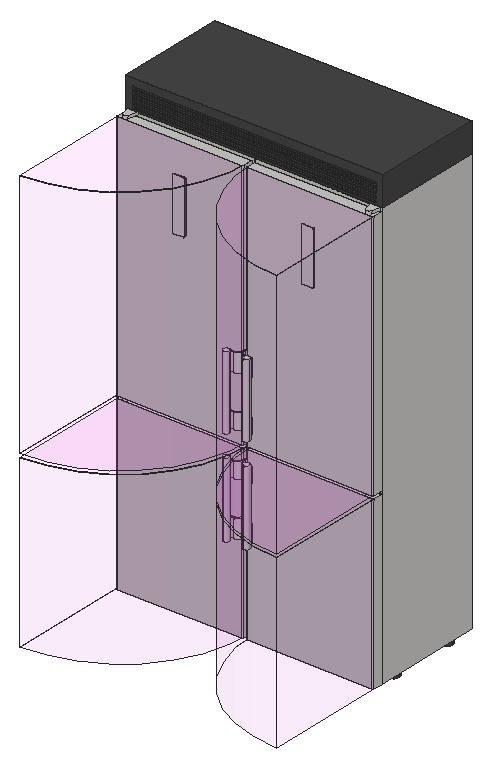
Revit family "QF_Summit_FFBF181ES2KIT48_Freezer_Refrigerator", category Specialty Equipment, Revit 2020
Family settings
  Round Connector Dimension = Use Diameter
  Part Type = Normal
  Work Plane-Based = No
  Always vertical = Yes
  Cut with Voids When Loaded = No
  Shared = No
  Room Calculation Point = No
Parameters
  Weight in Pounds = 380
  Watts = Volts * FL Amps  # 138 W
  Volts = 115 V
  URL Cutsheet = ""
  Specification by User = ""
  Specification by Manufacturer = ""
  Show Clearance = yes
  Serial Number = ""
  Seismic Rating = ""
  SMACNA No = ""
  Revision Code = ""
  Refrigerant Volume = 0.00 kip
  Refrigerant Type = "R600a"
  Phase = 1
  Number of Poles = 1
  NAFEM Spec ID Number = ""
  Model = "FFBF181ES2KIT48"
  Min Ckt Ampacity = 0 A
  Max Overcurrent Protection = 0 A
  Masterspec = ""
  Manufacturer = "Summit"
  Length = 46 3/4"
  Item Number = ""
  Installed By = ""
  Identify Quantity as Lot = yes
  Height = 83 3/4"
  HP = ""
  Furnished By = ""
  Foodservice Equipment Identifier = yes
  FL Amps = 1.2 A
  Electrical Remarks = ""
  Electric Connection Type = ""
  Elec Conn RI Height = 0"
  Elec Conn Connection Height = 0"
  Description = "Freezer Refrigerator"
  Depth = 23 3/4"
  Default Elevation = 0"
  Cycle = 60 Hz
  Conn Plug = ""
  Conn Conduit = yes
  CSI MasterFormat = ""
  BTUH = 0.0 Btu/h
  Apparent Power = 0 VA
Reference planes (in)
  plane 1 "BACK": y = 0
  plane 2: z = 0
  plane 3 "LEFT": x = 0
  plane 4 "RIGHT": x = 46.75
  plane 5 "FRONT": y = -23.75
  plane 6 "TOP": z = 83.75
  plane 7 "Center Y": x = 23.375
  plane 8 "Center X": y = -11.875
Dimensions and locks (in)
  equal spacing: plane 3 "LEFT", plane 7 "Center Y", plane 4 "RIGHT"
  "Length": plane 3 "LEFT" to plane 4 "RIGHT"
  equal spacing: plane 5 "FRONT", plane 8 "Center X", plane 1 "BACK"
  "Depth": plane 5 "FRONT" to plane 1 "BACK"
  "Height": plane 6 "TOP" to level
  aligned and locked: level to plane 2
Nested families (in)
  nested 1: "FFBF181ES2KIT48" at (0, 0, 0), Show Clearance <- "Show Clearance", type "FFBF181ES2KIT48"
    with Show Clearance yes
Connectors (in)
  electrical at (40.61873, -1.09375, 2.10762), driven by "Volts", driven by "Watts"
    settings: on nested 1, index 1, voltage 115 V, apparent load 138 VA, apparent load phase1 0 VA, apparent load phase2 0 VA, apparent load phase3 0 VA, power factor 1, load classification "Other", number of poles 1, system type 30, power factor state 1, is connector primary yes, connector utility no, sub classification motor no, connector description ""
  electrical at (18.13127, -1.09375, 2.10762), driven by "Volts", driven by "Watts"
    settings: on nested 1, index 2, voltage 115 V, apparent load 138 VA, apparent load phase1 0 VA, apparent load phase2 0 VA, apparent load phase3 0 VA, power factor 1, load classification "Other", number of poles 1, system type 30, power factor state 1, is connector primary no, connector utility no, sub classification motor no, connector description ""
Definition of nested family "FFBF181ES2KIT48"
  Parameters (values of type "FFBF181ES2KIT48")
    Weight in Pounds = 0
    URL Cutsheet = ""
    Specification by User = ""
    Specification by Manufacturer = ""
    Show Clearance [instance] = yes
    Serial Number = ""
    Seismic Rating = ""
    SMACNA No = ""
    Revision Code = ""
    NAFEM Spec ID Number = ""
    Masterspec = ""
    Length = 46 3/4"
    Item Number = ""
    Installed By = ""
    Identify Quantity as Lot = yes
    Height = 83 3/4"
    Furnished By = ""
    Foodservice Equipment Identifier = yes
    Depth = 23 3/4"
    Default Elevation = 0"
    CSI MasterFormat = ""
  Reference planes (in)
    plane 1 "BACK": y = 0
    plane 2: z = 0
    plane 3 "LEFT": x = 0
    plane 4 "RIGHT": x = 46.75
    plane 5 "FRONT": y = -23.75
    plane 6 "TOP": z = 83.75
    plane 7 "Center Y": x = 23.375
    plane 8 "Center X": y = -11.875
    plane 9: y = -1.125
    plane 10: z = 0.83776
    plane 11: z = 48.1545
    plane 12: y = -45.375
  Forms (in)
    Extrusion 1, solid
      sketch origin (-7.42459, -180, 0.83776) x (-1, 0, 0) y (0, -1, 0)
        loop
          line (-7.42459, -178.875) -> (-7.42459, -158.75) -> (-30.79568, -158.75) -> (-30.79568, -178.875) -> (-7.42459, -178.875)
        loop
          line (-54.17459, -178.875) -> (-30.8035, -178.875) -> (-30.8035, -158.75) -> (-54.17459, -158.75) -> (-54.17459, -178.875)
      from 0 to 77.5412
    Extrusion 2, solid
      sketch origin (-7.42459, -180, 78.37896) x (-1, 0, 0) y (0, -1, 0)
        loop
          line (-7.42459, -178.875) -> (-7.42459, -158.75) -> (-54.17459, -158.75) -> (-54.17459, -178.875) -> (-7.42459, -178.875)
      from 0 to 5.37104
    Extrusion 3, void
      sketch origin (45.51522, -21.25, 78.37896) x (1, 0, 0) y (0, 0, -1)
        loop
          line (-44.32252, -3.94964) -> (0.17748, -3.94964) -> (0.17748, -3.32464) -> (-44.32252, -3.32464) -> (-44.32252, -3.94964)
        loop
          line (-44.32252, -3.1445) -> (0.17748, -3.1445) -> (0.17748, -2.5195) -> (-44.32252, -2.5195) -> (-44.32252, -3.1445)
        loop
          line (-44.32252, -2.36612) -> (0.17748, -2.36612) -> (0.17748, -1.74112) -> (-44.32252, -1.74112) -> (-44.32252, -2.36612)
        loop
          line (-44.32252, -1.61612) -> (0.17748, -1.61612) -> (0.17748, -0.99112) -> (-44.32252, -0.99112) -> (-44.32252, -1.61612)
        loop
          line (-44.32252, -0.86612) -> (0.17748, -0.86612) -> (0.17748, -0.24112) -> (-44.32252, -0.24112) -> (-44.32252, -0.86612)
      from 0 to 0.35939
    Extrusion 4, solid
      sketch origin (-7.42459, -180, 78.37896) x (0, -1, 0) y (-1, 0, 0)
        loop
          line (-163.03053, -51.50922) -> (-163.03053, -54.11729) -> (-158.97323, -54.11729) -> (-158.55372, -53.69778) -> (-157.08203, -53.43828)
          arc (-157.08203, -53.43828) -> (-156.66933, -52.96769) -> (-157.03944, -52.46291) r 0.5
          line (-157.03944, -52.46291) -> (-162.40112, -51.02625)
          arc (-162.40112, -51.02625) -> (-162.83491, -51.11254) -> (-163.03053, -51.50922) r 0.5
        loop
          arc (-163.03053, -10.08997) -> (-162.83491, -10.48664) -> (-162.40112, -10.57293) r 0.5
          line (-162.40112, -10.57293) -> (-157.03944, -9.13627)
          arc (-157.03944, -9.13627) -> (-156.66933, -8.6315) -> (-157.08203, -8.1609) r 0.5
          line (-157.08203, -8.1609) -> (-158.55372, -7.9014) -> (-158.96803, -7.48709) -> (-163.03053, -7.48709) -> (-163.03053, -10.08997)
      from 0 to 0.5
    Extrusion 5, solid
      sketch origin (-5.88004, -180, 77.87896) x (-1, 0, 0) y (0, -1, 0)
        loop
          line (-28.97524, -156.74237) -> (-28.97524, -158.375) -> (-5.88004, -158.375) -> (-5.88004, -156.74237)
          arc (-5.88004, -156.74237) -> (-5.94952, -156.56943) -> (-6.11932, -156.4926) r 0.25
          arc (-6.11932, -156.4926) -> (-17.42764, -156.24999) -> (-28.73596, -156.4926) r 263.67046
          arc (-28.73596, -156.4926) -> (-28.90577, -156.56943) -> (-28.97524, -156.74237) r 0.25
        loop
          arc (-29.53485, -156.74237) -> (-29.60432, -156.56943) -> (-29.77413, -156.4926) r 0.25
          arc (-29.77413, -156.4926) -> (-41.08245, -156.24999) -> (-52.39077, -156.4926) r 263.67046
          arc (-52.39077, -156.4926) -> (-52.56057, -156.56943) -> (-52.63004, -156.74237) r 0.25
          line (-52.63004, -156.74237) -> (-52.63004, -158.375) -> (-29.53485, -158.375) -> (-29.53485, -156.74237)
      from 0 to -45.5
    Extrusion 6, solid
      sketch origin (-5.88004, -180, 31.83776) x (-1, 0, 0) y (0, -1, 0)
        loop
          arc (-28.73596, -156.4926) -> (-28.90577, -156.56943) -> (-28.97524, -156.74237) r 0.25
          line (-28.97524, -156.74237) -> (-28.97524, -158.375) -> (-5.88004, -158.375) -> (-5.88004, -156.74237)
          arc (-5.88004, -156.74237) -> (-5.94952, -156.56943) -> (-6.11932, -156.4926) r 0.25
          arc (-6.11932, -156.4926) -> (-17.42764, -156.24999) -> (-28.73596, -156.4926) r 263.67046
        loop
          line (-29.53485, -158.375) -> (-29.53485, -156.74237)
          arc (-29.53485, -156.74237) -> (-29.60432, -156.56943) -> (-29.77413, -156.4926) r 0.25
          arc (-29.77413, -156.4926) -> (-41.08245, -156.24999) -> (-52.39077, -156.4926) r 263.67046
          arc (-52.39077, -156.4926) -> (-52.56057, -156.56943) -> (-52.63004, -156.74237) r 0.25
          line (-52.63004, -156.74237) -> (-52.63004, -158.375) -> (-29.53485, -158.375)
      from 0 to -31
    Extrusion 7, solid
      sketch origin (-29.56181, -180, 48.1545) x (-1, 0, 0) y (0, -1, 0)
        loop
          line (-52.657, -158.11727) -> (-52.657, -156.0925)
          arc (-52.657, -156.0925) -> (-52.46171, -155.62103) -> (-51.99024, -155.42574) r 0.66676
          line (-51.99024, -155.42574) -> (-50.85413, -155.42574) -> (-50.85413, -155.17574) -> (-52.08055, -155.17574)
          arc (-52.08055, -155.17574) -> (-52.66494, -155.41781) -> (-52.907, -156.00219) r 0.82645
          line (-52.907, -156.00219) -> (-52.907, -158.11727) -> (-52.657, -158.11727)
        loop
          line (-53.21661, -158.11727) -> (-52.96661, -158.11727) -> (-52.96661, -156.00219)
          arc (-52.96661, -156.00219) -> (-53.20868, -155.41781) -> (-53.79306, -155.17574) r 0.82645
          line (-53.79306, -155.17574) -> (-55.01949, -155.17574) -> (-55.01949, -155.42574) -> (-53.88337, -155.42574)
          arc (-53.88337, -155.42574) -> (-53.4119, -155.62103) -> (-53.21661, -156.0925) r 0.66676
          line (-53.21661, -156.0925) -> (-53.21661, -158.11727)
      from -0.23673 to -3.51074
    Extrusion 8, solid
      sketch origin (-7.42459, -180, 36.75396) x (-1, 0, 0) y (0, -1, 0)
        loop
          line (-30.51978, -158.11727) -> (-30.51978, -156.0925)
          arc (-30.51978, -156.0925) -> (-30.3245, -155.62103) -> (-29.85303, -155.42574) r 0.66676
          line (-29.85303, -155.42574) -> (-28.71691, -155.42574) -> (-28.71691, -155.17574) -> (-29.94334, -155.17574)
          arc (-29.94334, -155.17574) -> (-30.52772, -155.41781) -> (-30.76978, -156.00219) r 0.82645
          line (-30.76978, -156.00219) -> (-30.76978, -158.11727) -> (-30.51978, -158.11727)
        loop
          line (-31.0794, -158.11727) -> (-30.8294, -158.11727) -> (-30.8294, -156.00219)
          arc (-30.8294, -156.00219) -> (-31.07146, -155.41781) -> (-31.65585, -155.17574) r 0.82645
          line (-31.65585, -155.17574) -> (-32.88227, -155.17574) -> (-32.88227, -155.42574) -> (-31.74616, -155.42574)
          arc (-31.74616, -155.42574) -> (-31.27469, -155.62103) -> (-31.0794, -156.0925) r 0.66676
          line (-31.0794, -156.0925) -> (-31.0794, -158.11727)
      from 1.37437 to -1.37252
    Extrusion 9, solid
      sketch origin (-29.56181, -180, 17.35343) x (0, 1, 0) y (1, 0, 0)
        loop
          line (158.11727, 52.657) -> (158.11727, 52.907) -> (156.00219, 52.907)
          arc (156.00219, 52.907) -> (155.41781, 52.66494) -> (155.17574, 52.08055) r 0.82645
          line (155.17574, 52.08055) -> (155.17574, 50.85413) -> (155.42574, 50.85413) -> (155.42574, 51.99024)
          arc (155.42574, 51.99024) -> (155.62103, 52.46171) -> (156.0925, 52.657) r 0.66676
          line (156.0925, 52.657) -> (158.11727, 52.657)
        loop
          line (158.11727, 53.21661) -> (156.0925, 53.21661)
          arc (156.0925, 53.21661) -> (155.62103, 53.4119) -> (155.42574, 53.88337) r 0.66676
          line (155.42574, 53.88337) -> (155.42574, 55.01949) -> (155.17574, 55.01949) -> (155.17574, 53.79306)
          arc (155.17574, 53.79306) -> (155.41781, 53.20868) -> (156.00219, 52.96661) r 0.82645
          line (156.00219, 52.96661) -> (158.11727, 52.96661) -> (158.11727, 53.21661)
      from -0.23673 to -3.51074
    Extrusion 10, solid
      sketch origin (-7.42459, -180, 28.75396) x (0, 1, 0) y (1, 0, 0)
        loop
          line (158.11727, 30.51978) -> (158.11727, 30.76978) -> (156.00219, 30.76978)
          arc (156.00219, 30.76978) -> (155.41781, 30.52772) -> (155.17574, 29.94334) r 0.82645
          line (155.17574, 29.94334) -> (155.17574, 28.71691) -> (155.42574, 28.71691) -> (155.42574, 29.85303)
          arc (155.42574, 29.85303) -> (155.62103, 30.3245) -> (156.0925, 30.51978) r 0.66676
          line (156.0925, 30.51978) -> (158.11727, 30.51978)
        loop
          line (158.11727, 31.0794) -> (156.0925, 31.0794)
          arc (156.0925, 31.0794) -> (155.62103, 31.27469) -> (155.42574, 31.74616) r 0.66676
          line (155.42574, 31.74616) -> (155.42574, 32.88227) -> (155.17574, 32.88227) -> (155.17574, 31.65585)
          arc (155.17574, 31.65585) -> (155.41781, 31.07146) -> (156.00219, 30.8294) r 0.82645
          line (156.00219, 30.8294) -> (158.11727, 30.8294) -> (158.11727, 31.0794)
      from 1.37437 to -1.37252
    Extrusion 11, solid
      sketch origin (-29.56181, -180, 48.1545) x (-1, 0, 0) y (0, -1, 0)
        loop
          circle (-51.09741, -154.63014) r 0.5456
        loop
          circle (-54.77621, -154.63014) r 0.5456
      from 0 to -13.31002
    Extrusion 12, solid
      sketch origin (-7.42459, -180, 30.12648) x (0, 1, 0) y (-1, 0, 0)
        loop
          circle (154.63014, -28.96019) r 0.5456
        loop
          circle (154.63014, -32.63899) r 0.5456
      from 0.62496 to -12.89842
    Extrusion 13, solid
      sketch origin (-7.42459, -180, 0.83776) x (0, -1, 0) y (-1, 0, 0)
        loop
          line (-180, -9.67459) -> (-180, -28.52382) -> (-178.875, -28.52382) -> (-179.30253, -27.34921) -> (-179.30253, -10.84921) -> (-178.875, -9.67459) -> (-180, -9.67459)
        loop
          line (-180, -51.92459) -> (-178.875, -51.92459) -> (-179.30253, -50.74998) -> (-179.30253, -34.24998) -> (-178.875, -33.07536) -> (-180, -33.07536) -> (-180, -51.92459)
      from -23.76805 to -27.22468
    Extrusion 14, solid
      sketch origin (46.75, -1.125, 0.83776) x (-1, 0, 0) y (0, 0, 1)
        loop
          circle (28.61873, 1.26986) r 0.25
        loop
          circle (6.13127, 1.26986) r 0.25
      from 0 to 0.03125
    Extrusion 15, solid
      sketch origin (-5.88004, -180, 77.87896) x (-1, 0, 0) y (0, -1, 0)
        loop
          line (-6.16058, -158.75) -> (-6.16058, -158.375) -> (-28.81901, -158.375) -> (-28.81901, -158.75) -> (-6.16058, -158.75)
        loop
          line (-52.34951, -158.75) -> (-29.69108, -158.75) -> (-29.69108, -158.375) -> (-52.34951, -158.375) -> (-52.34951, -158.75)
      from -0.36582 to -45.02427
    Extrusion 16, solid
      sketch origin (-5.88004, -180, 31.83776) x (-1, 0, 0) y (0, -1, 0)
        loop
          line (-6.16058, -158.75) -> (-6.16058, -158.375) -> (-28.81901, -158.375) -> (-28.81901, -158.75) -> (-6.16058, -158.75)
        loop
          line (-52.34951, -158.75) -> (-29.69108, -158.75) -> (-29.69108, -158.375) -> (-52.34951, -158.375) -> (-52.34951, -158.75)
      from -0.36582 to -30.45903
    Extrusion 17, solid
      sketch origin (-5.88004, -180, 31.83776) x (-1, 0, 0) y (0, -1, 0)
        loop
          arc (-49.96467, -163.03053) -> (-49.56799, -162.83491) -> (-49.48171, -162.40112) r 0.5
          line (-49.48171, -162.40112) -> (-50.91837, -157.03944)
          arc (-50.91837, -157.03944) -> (-51.42314, -156.66933) -> (-51.89373, -157.08203) r 0.5
          line (-51.89373, -157.08203) -> (-52.15323, -158.55372) -> (-52.57274, -158.97323) -> (-52.57274, -163.03053) -> (-49.96467, -163.03053)
        loop
          line (-8.54542, -163.03053) -> (-5.94254, -163.03053) -> (-5.94254, -158.96803) -> (-6.35686, -158.55372) -> (-6.61636, -157.08203)
          arc (-6.61636, -157.08203) -> (-7.08695, -156.66933) -> (-7.59172, -157.03944) r 0.5
          line (-7.59172, -157.03944) -> (-9.02838, -162.40112)
          arc (-9.02838, -162.40112) -> (-8.9421, -162.83491) -> (-8.54542, -163.03053) r 0.5
      from 0 to 0.5412
    Extrusion 18, solid
      sketch origin (0, 0, 0) x (1, 0, 0) y (0, 0, 1)
        loop
          arc (10.82165, 72.4778) -> (10.64487, 72.40457) -> (10.57165, 72.2278) r 0.25
          line (10.57165, 72.2278) -> (10.57165, 62.9778)
          arc (10.57165, 62.9778) -> (10.64487, 62.80102) -> (10.82165, 62.7278) r 0.25
          line (10.82165, 62.7278) -> (12.50915, 62.7278)
          arc (12.50915, 62.7278) -> (12.68593, 62.80102) -> (12.75915, 62.9778) r 0.25
          line (12.75915, 62.9778) -> (12.75915, 72.2278)
          arc (12.75915, 72.2278) -> (12.68593, 72.40457) -> (12.50915, 72.4778) r 0.25
          line (12.50915, 72.4778) -> (10.82165, 72.4778)
        loop
          line (35.92835, 72.4778) -> (34.24085, 72.4778)
          arc (34.24085, 72.4778) -> (34.06407, 72.40457) -> (33.99085, 72.2278) r 0.25
          line (33.99085, 72.2278) -> (33.99085, 62.9778)
          arc (33.99085, 62.9778) -> (34.06407, 62.80102) -> (34.24085, 62.7278) r 0.25
          line (34.24085, 62.7278) -> (35.92835, 62.7278)
          arc (35.92835, 62.7278) -> (36.10513, 62.80102) -> (36.17835, 62.9778) r 0.25
          line (36.17835, 62.9778) -> (36.17835, 72.2278)
          arc (36.17835, 72.2278) -> (36.10513, 72.40457) -> (35.92835, 72.4778) r 0.25
      from 23.60532 to 23.85775
    Revolve 19, solid
      sketch origin (-240, -17.25, 5.08138) x (0, 0, 1) y (-1, 0, 0)
        loop
          line (-4.24362, -241.10142) -> (-5.08138, -241.10142) -> (-5.08138, -242.01866) -> (-4.24362, -242.01866) -> (-4.24362, -241.10142)
        axis (-5.08138, -241.10142) -> (-4.24362, -241.10142)
      angle from 0 to 360
    Revolve 20, solid
      sketch origin (-240, -17.25, 5.08138) x (0, 0, 1) y (-1, 0, 0)
        loop
          line (-4.24362, -261.99378) -> (-4.24362, -261.07653) -> (-5.08138, -261.07653) -> (-5.08138, -261.99378) -> (-4.24362, -261.99378)
        axis (-5.08138, -261.99378) -> (-4.24362, -261.99378)
      angle from 0 to 360
    Revolve 21, solid
      sketch origin (-240, -17.25, 5.08138) x (0, 0, 1) y (-1, 0, 0)
        loop
          line (-4.24362, -285.58608) -> (-4.24362, -284.66884) -> (-5.08138, -284.66884) -> (-5.08138, -285.58608) -> (-4.24362, -285.58608)
        axis (-5.08138, -285.58608) -> (-4.24362, -285.58608)
      angle from 0 to 360
    Revolve 22, solid
      sketch origin (-240, -17.25, 5.08138) x (0, 0, 1) y (-1, 0, 0)
        loop
          line (-4.24362, -264.69372) -> (-5.08138, -264.69372) -> (-5.08138, -265.61097) -> (-4.24362, -265.61097) -> (-4.24362, -264.69372)
        axis (-5.08138, -264.69372) -> (-4.24362, -264.69372)
      angle from 0 to 360
    Revolve 23, solid
      sketch origin (-240, -5.125, 5.08138) x (0, 0, 1) y (1, 0, 0)
        loop
          line (-4.24362, 241.10142) -> (-4.24362, 242.01866) -> (-5.08138, 242.01866) -> (-5.08138, 241.10142) -> (-4.24362, 241.10142)
        axis (-5.08138, 241.10142) -> (-4.24362, 241.10142)
      angle from 0 to 360
    Revolve 24, solid
      sketch origin (-240, -5.125, 5.08138) x (0, 0, 1) y (1, 0, 0)
        loop
          line (-4.24362, 261.99378) -> (-5.08138, 261.99378) -> (-5.08138, 261.07653) -> (-4.24362, 261.07653) -> (-4.24362, 261.99378)
        axis (-5.08138, 261.99378) -> (-4.24362, 261.99378)
      angle from 0 to 360
    Revolve 25, solid
      sketch origin (-240, -5.125, 5.08138) x (0, 0, 1) y (1, 0, 0)
        loop
          line (-4.24362, 285.58608) -> (-5.08138, 285.58608) -> (-5.08138, 284.66884) -> (-4.24362, 284.66884) -> (-4.24362, 285.58608)
        axis (-5.08138, 285.58608) -> (-4.24362, 285.58608)
      angle from 0 to 360
    Revolve 26, solid
      sketch origin (-240, -5.125, 5.08138) x (0, 0, 1) y (1, 0, 0)
        loop
          line (-4.24362, 264.69372) -> (-4.24362, 265.61097) -> (-5.08138, 265.61097) -> (-5.08138, 264.69372) -> (-4.24362, 264.69372)
        axis (-5.08138, 264.69372) -> (-4.24362, 264.69372)
      angle from 0 to 360
    Extrusion 27, solid, visible <- "Show Clearance"
      sketch origin (-5.88004, -180, 77.87896) x (-1, 0, 0) y (0, -1, 0)
        loop
          line (-28.96595, -158.375) -> (-5.88004, -158.375) -> (-5.88004, -134.625)
          arc (-5.88004, -134.625) -> (-22.4407, -141.6226) -> (-28.96595, -158.375) r 23.09519
        loop
          arc (-29.54414, -158.375) -> (-36.06939, -141.6226) -> (-52.63004, -134.625) r 23.09519
          line (-52.63004, -134.625) -> (-52.63004, -158.375) -> (-29.54414, -158.375)
      from 0 to -45.5
    Extrusion 28, solid, visible <- "Show Clearance"
      sketch origin (-5.88004, -180, 31.83776) x (-1, 0, 0) y (0, -1, 0)
        loop
          line (-28.96595, -158.375) -> (-5.88004, -158.375) -> (-5.88004, -134.625)
          arc (-5.88004, -134.625) -> (-22.4407, -141.6226) -> (-28.96595, -158.375) r 23.09519
        loop
          arc (-29.54414, -158.375) -> (-36.06939, -141.6226) -> (-52.63004, -134.625) r 23.09519
          line (-52.63004, -134.625) -> (-52.63004, -158.375) -> (-29.54414, -158.375)
      from 0 to -31
  Cuts and joins
    Extrusion 3 cuts Extrusion 2
    joined: Extrusion 1, Extrusion 4, Extrusion 17
    joined: Extrusion 5, Extrusion 18
  Lines and regions (in)
    Split face 1
      outline origin (10.57165, -23.85775, 72.4778) x (-1, 0, 0) y (0, 0, -1)
        loop
          line (-0.25, 0.25) -> (-0.25, 4.25) -> (-1.9375, 4.25) -> (-1.9375, 0.25) -> (-0.25, 0.25)
    Split face 2
      outline origin (10.57165, -23.85775, 72.4778) x (-1, 0, 0) y (0, 0, -1)
        loop
          line (-25.3567, 0.25) -> (-23.6692, 0.25) -> (-23.6692, 4.25) -> (-25.3567, 4.25) -> (-25.3567, 0.25)
    symbolic lines
      curve 1: line (22.42843, -24.57426, 0) -> (21.29232, -24.57426, 0)
      curve 2: line (21.29232, -24.57426, 0) -> (21.29232, -24.82426, 0)
      curve 3: line (21.29232, -24.82426, 0) -> (22.51874, -24.82426, 0)
      curve 4: arc (22.51874, -24.82426, 0) -> (23.10313, -24.58219, 0) -> (23.34519, -23.99781, 0) r 0.82645
      curve 5: line (23.34519, -23.99781, 0) -> (23.34519, -21.88273, 0)
      curve 6: line (23.34519, -21.88273, 0) -> (23.09519, -21.88273, 0)
      curve 7: line (23.09519, -21.88273, 0) -> (23.09519, -23.9075, 0)
      curve 8: arc (23.09519, -23.9075, 0) -> (22.8999, -24.37897, 0) -> (22.42843, -24.57426, 0) r 0.66676
      curve 9: arc (22.0812, -25.36986, 0) -> (21.5356, -24.82426, 0) -> (20.98999, -25.36986, 0) r 0.5456
      curve 10: arc (20.98999, -25.36986, 0) -> (21.5356, -25.91547, 0) -> (22.0812, -25.36986, 0) r 0.5456
      curve 11: line (24.23126, -24.82426, 0) -> (25.45768, -24.82426, 0)
      curve 12: line (25.45768, -24.82426, 0) -> (25.45768, -24.57426, 0)
      curve 13: line (25.45768, -24.57426, 0) -> (24.32157, -24.57426, 0)
      curve 14: arc (24.32157, -24.57426, 0) -> (23.8501, -24.37897, 0) -> (23.65481, -23.9075, 0) r 0.66676
      curve 15: line (23.65481, -23.9075, 0) -> (23.65481, -21.88273, 0)
      curve 16: line (23.65481, -21.88273, 0) -> (23.40481, -21.88273, 0)
      curve 17: line (23.40481, -21.88273, 0) -> (23.40481, -23.99781, 0)
      curve 18: arc (23.40481, -23.99781, 0) -> (23.64687, -24.58219, 0) -> (24.23126, -24.82426, 0) r 0.82645
      curve 19: arc (25.76001, -25.36986, 0) -> (25.2144, -24.82426, 0) -> (24.6688, -25.36986, 0) r 0.5456
      curve 20: arc (24.6688, -25.36986, 0) -> (25.2144, -25.91547, 0) -> (25.76001, -25.36986, 0) r 0.5456
      curve 21: arc (23.89408, -23.5074, 0) -> (35.2024, -23.75001, 0) -> (46.51072, -23.5074, 0) r 263.67046
      curve 22: arc (46.51072, -23.5074, 0) -> (46.68053, -23.43057, 0) -> (46.75, -23.25763, 0) r 0.25
      curve 23: line (46.75, -23.25763, 0) -> (46.75, -21.625, 0)
      curve 24: line (46.75, -21.625, 0) -> (46.24167, -21.625, 0)
      curve 25: line (23.65481, -21.625, 0) -> (23.65481, -23.25763, 0)
      curve 26: arc (23.65481, -23.25763, 0) -> (23.72428, -23.43057, 0) -> (23.89408, -23.5074, 0) r 0.25
      curve 27: arc (0.23928, -23.5074, 0) -> (11.5476, -23.75001, 0) -> (22.85592, -23.5074, 0) r 263.67046
      curve 28: arc (22.85592, -23.5074, 0) -> (23.02572, -23.43057, 0) -> (23.09519, -23.25763, 0) r 0.25
      curve 29: line (23.09519, -23.25763, 0) -> (23.09519, -21.625, 0)
      curve 30: line (23.09519, -21.625, 0) -> (2.06954, -21.625, 0)
      curve 31: line (0, -21.625, 0) -> (0, -23.25763, 0)
      curve 32: arc (0, -23.25763, 0) -> (0.06947, -23.43057, 0) -> (0.23928, -23.5074, 0) r 0.25
      curve 33: line (46.75, -21.25, 0) -> (46.75, -1.125, 0)
      curve 34: line (0, -1.125, 0) -> (0, -21.25, 0)
      curve 35: line (0, -21.25, 0) -> (46.75, -21.25, 0)
      curve 36: line (46.75, -1.125, 0) -> (0, -1.125, 0)
      curve 37: line (44.68046, -21.625, 0) -> (23.65481, -21.625, 0)
      curve 38: line (23.81104, -21.625, 0) -> (23.81104, -21.25, 0)
      curve 39: line (22.93896, -21.625, 0) -> (22.93896, -21.25, 0)
      curve 40: line (46.46947, -21.625, 0) -> (46.46947, -21.25, 0)
      curve 41: line (46.27319, -21.44628, 0) -> (46.46947, -21.25, 0)
      curve 42: line (46.01369, -22.91797, 0) -> (46.27319, -21.44628, 0)
      curve 43: arc (46.01369, -22.91797, 0) -> (45.54309, -23.33067, 0) -> (45.03832, -22.96056, 0) r 0.5
      curve 44: line (44.57998, -21.25, 0) -> (45.03832, -22.96056, 0)
      curve 45: line (1.71168, -22.96056, 0) -> (2.17002, -21.25, 0)
      curve 46: arc (1.71168, -22.96056, 0) -> (1.20691, -23.33067, 0) -> (0.73631, -22.91797, 0) r 0.5
      curve 47: line (0.47681, -21.44628, 0) -> (0.73631, -22.91797, 0)
      curve 48: line (0.28053, -21.25, 0) -> (0.47681, -21.44628, 0)
      curve 49: line (0.28053, -21.25, 0) -> (0.28053, -21.625, 0)
      curve 50: line (0.50833, -21.625, 0) -> (0, -21.625, 0)
      curve 51: line (2.25, -1.125, 0) -> (3.42462, -0.69747, 0)
      curve 52: line (2.25, 0, 0) -> (2.25, -1.125, 0)
      curve 53: line (21.09923, 0, 0) -> (2.25, 0, 0)
      curve 54: line (3.42462, -0.69747, 0) -> (19.92462, -0.69747, 0)
      curve 55: line (19.92462, -0.69747, 0) -> (21.09923, -1.125, 0)
      curve 56: line (21.09923, -1.125, 0) -> (21.09923, 0, 0)
      curve 57: line (26.82538, -0.69747, 0) -> (43.32538, -0.69747, 0)
      curve 58: line (43.32538, -0.69747, 0) -> (44.5, -1.125, 0)
      curve 59: line (44.5, -1.125, 0) -> (44.5, 0, 0)
      curve 60: line (44.5, 0, 0) -> (25.65077, 0, 0)
      curve 61: line (25.65077, 0, 0) -> (25.65077, -1.125, 0)
      curve 62: line (25.65077, -1.125, 0) -> (26.82538, -0.69747, 0)
    symbolic lines, visible <- "Show Clearance"
      curve 63: arc (20.27853, -33.33282, 0) -> (22.45856, -27.66506, 0) -> (23.08591, -21.625, 0) r 23.09519
      curve 64: arc (23.66409, -21.625, 0) -> (24.29144, -27.66506, 0) -> (26.47147, -33.33282, 0) r 23.09519
      curve 65: line (0, -21.625, 0) -> (20.27853, -33.33282, 0)
      curve 66: line (46.75, -21.625, 0) -> (26.47147, -33.33282, 0)
  Dimensions and locks (in)
    equal spacing: plane 3 "LEFT", plane 7 "Center Y", plane 4 "RIGHT"
    "Length": plane 3 "LEFT" to plane 4 "RIGHT"
    equal spacing: plane 5 "FRONT", plane 8 "Center X", plane 1 "BACK"
    "Depth": plane 5 "FRONT" to plane 1 "BACK"
    "Height": plane 6 "TOP" to level
    plane 1 "BACK" to plane 12 = 45 3/8"
    aligned and locked: level to plane 2
  Automatic sketch dimensions
    Extrusion 1 sketch curve to plane 4 "RIGHT" = 0"
    Extrusion 1 sketch curve to plane 9 = 0"  (x2)
    Extrusion 1 sketch curve to plane 3 "LEFT" = 0"
    plane 7 "Center Y" to Extrusion 1 sketch curve = 1/256"
    Extrusion 1 sketch curve to plane 7 "Center Y" = 1/256"
    Extrusion 1 to Extrusion 2 sketch curve = 0"
    Extrusion 2 sketch curve to Extrusion 1 = 0"  (x3)
    Extrusion 3 sketch curve to Extrusion 2 = 1.1927"  (x2)
    Extrusion 3 sketch curve to Extrusion 3 sketch curve = 0"  (x7)
    Extrusion 2 to Extrusion 3 sketch curve = 1.0573"
    Extrusion 3 sketch curve to Extrusion 2 = 1.4214"
    Extrusion 3 sketch curve to Extrusion 3 sketch curve = 5/8"  (x4)
    Extrusion 3 sketch curve to Extrusion 3 sketch curve = 0.18013"
    Extrusion 3 sketch curve to Extrusion 3 sketch curve = 0.15338"
    Extrusion 3 sketch curve to Extrusion 3 sketch curve = 1/8"  (x2)
    Extrusion 3 sketch curve to Extrusion 2 = 0.24112"
    Extrusion 2 to Extrusion 4 sketch curve = 4.28053"  (x2)
    Extrusion 2 to Extrusion 4 sketch curve = 1/16"
    Extrusion 4 sketch curve to Extrusion 4 sketch curve = 1/2"  (x2)
    Extrusion 4 sketch curve to Extrusion 4 sketch curve = 0.12941"  (x4)
    Extrusion 2 to Extrusion 4 sketch curve = 0.0573"
    Extrusion 2 to Extrusion 4 sketch curve = 0.22323"
    Extrusion 2 to Extrusion 4 sketch curve = 0.21803"
    Extrusion 4 sketch curve to Extrusion 2 = 0.19628"  (x2)
    Extrusion 4 sketch curve to Extrusion 4 sketch curve = 1.38487"  (x2)
    Extrusion 2 to Extrusion 4 sketch curve = 0.73631"  (x2)
    Extrusion 4 sketch curve to Extrusion 4 sketch curve = 0.08682"  (x2)
    Extrusion 2 to Extrusion 4 sketch curve = 0.47681"  (x2)
    Extrusion 4 sketch curve to Extrusion 4 sketch curve = 0.4924"
    Extrusion 4 sketch curve to Extrusion 4 sketch curve = 2.60287"
    Extrusion 2 to Extrusion 4 sketch curve = 3.14834"
    Extrusion 4 sketch curve to Extrusion 4 sketch curve = 0.97537"
    Extrusion 5 sketch curve to plane 4 "RIGHT" = 0"
    Extrusion 5 sketch curve to plane 3 "LEFT" = 0"
    Extrusion 5 sketch curve to Extrusion 5 sketch curve = 1/4"  (x3)
    plane 4 "RIGHT" to Extrusion 5 sketch curve = 11.5476"
    plane 7 "Center Y" to Extrusion 5 sketch curve = 0.52981"
    plane 7 "Center Y" to Extrusion 5 sketch curve = 0.27981"
    Extrusion 5 sketch curve to plane 7 "Center Y" = 0.27981"
    plane 3 "LEFT" to Extrusion 5 sketch curve = 11.5476"
    Extrusion 5 sketch curve to plane 1 "BACK" = 239.92045"
    Extrusion 5 sketch curve to Extrusion 5 sketch curve = 0"  (x3)
    Extrusion 5 sketch curve to plane 5 "FRONT" = 0.49237"  (x4)
    Extrusion 6 sketch curve to plane 4 "RIGHT" = 0"
    Extrusion 6 sketch curve to plane 3 "LEFT" = 0"
    Extrusion 6 sketch curve to Extrusion 6 sketch curve = 1/4"  (x2)
    plane 4 "RIGHT" to Extrusion 6 sketch curve = 11.5476"
    plane 7 "Center Y" to Extrusion 6 sketch curve = 0.52981"
    plane 7 "Center Y" to Extrusion 6 sketch curve = 0.27981"
    Extrusion 6 sketch curve to plane 7 "Center Y" = 0.27981"
    plane 3 "LEFT" to Extrusion 6 sketch curve = 11.5476"
    plane 3 "LEFT" to Extrusion 6 sketch curve = 1/4"
    Extrusion 6 sketch curve to plane 1 "BACK" = 239.92045"
    Extrusion 6 sketch curve to Extrusion 6 sketch curve = 0"  (x4)
    Extrusion 6 sketch curve to plane 5 "FRONT" = 0.49237"  (x4)
    plane 5 "FRONT" to Extrusion 7 sketch curve = 1.07426"
    plane 7 "Center Y" to Extrusion 7 sketch curve = 2.08268"
    plane 7 "Center Y" to Extrusion 7 sketch curve = 0.94657"
    Extrusion 7 sketch curve to Extrusion 7 sketch curve = 0.09031"  (x2)
    plane 7 "Center Y" to Extrusion 7 sketch curve = 0.27981"
    plane 7 "Center Y" to Extrusion 7 sketch curve = 0.02981"
    Extrusion 7 sketch curve to plane 7 "Center Y" = 0.02981"
    Extrusion 7 sketch curve to Extrusion 7 sketch curve = 1/4"
    plane 5 "FRONT" to Extrusion 7 sketch curve = 0.24781"
    Extrusion 7 sketch curve to Extrusion 7 sketch curve = 0.57645"
    Extrusion 7 sketch curve to Extrusion 7 sketch curve = 1.13612"
    plane 5 "FRONT" to Extrusion 7 sketch curve = 0.1575"  (x2)
    Extrusion 7 sketch curve to Extrusion 7 sketch curve = 0"
    plane 5 "FRONT" to Extrusion 8 sketch curve = 1.07426"
    plane 7 "Center Y" to Extrusion 8 sketch curve = 2.08268"
    plane 7 "Center Y" to Extrusion 8 sketch curve = 0.94657"
    Extrusion 8 sketch curve to Extrusion 8 sketch curve = 0.09031"  (x2)
    plane 7 "Center Y" to Extrusion 8 sketch curve = 0.27981"
    plane 7 "Center Y" to Extrusion 8 sketch curve = 0.02981"
    Extrusion 8 sketch curve to plane 7 "Center Y" = 0.02981"
    Extrusion 8 sketch curve to Extrusion 8 sketch curve = 1/4"
    plane 5 "FRONT" to Extrusion 8 sketch curve = 0.24781"
    Extrusion 8 sketch curve to Extrusion 8 sketch curve = 0.57645"
    Extrusion 8 sketch curve to Extrusion 8 sketch curve = 1.13612"
    plane 5 "FRONT" to Extrusion 8 sketch curve = 0.1575"  (x2)
    Extrusion 8 sketch curve to Extrusion 8 sketch curve = 0"
    plane 5 "FRONT" to Extrusion 9 sketch curve = 1.07426"  (x2)
    Extrusion 9 sketch curve to Extrusion 9 sketch curve = 1/4"  (x3)
    plane 7 "Center Y" to Extrusion 9 sketch curve = 0.02981"
    plane 5 "FRONT" to Extrusion 9 sketch curve = 0.24781"
    Extrusion 9 sketch curve to plane 7 "Center Y" = 0.02981"
    Extrusion 9 sketch curve to Extrusion 9 sketch curve = 0"  (x2)
    plane 5 "FRONT" to Extrusion 9 sketch curve = 0.1575"
    Extrusion 9 sketch curve to Extrusion 9 sketch curve = 0.09031"  (x2)
    Extrusion 9 sketch curve to Extrusion 9 sketch curve = 1.13612"  (x2)
    plane 5 "FRONT" to Extrusion 10 sketch curve = 1.07426"  (x2)
    Extrusion 10 sketch curve to Extrusion 10 sketch curve = 1/4"  (x3)
    plane 7 "Center Y" to Extrusion 10 sketch curve = 0.02981"
    plane 5 "FRONT" to Extrusion 10 sketch curve = 0.24781"
    Extrusion 10 sketch curve to plane 7 "Center Y" = 0.02981"
    Extrusion 10 sketch curve to Extrusion 10 sketch curve = 0"  (x2)
    plane 5 "FRONT" to Extrusion 10 sketch curve = 0.1575"
    Extrusion 10 sketch curve to Extrusion 10 sketch curve = 0.09031"  (x2)
    Extrusion 10 sketch curve to Extrusion 10 sketch curve = 1.13612"  (x2)
    plane 7 "Center Y" to Extrusion 11 sketch curve = 1.8394"
    Extrusion 11 sketch curve to plane 7 "Center Y" = 1.8394"
    plane 5 "FRONT" to Extrusion 11 sketch curve = 1.61986"  (x2)
    Extrusion 12 sketch curve to Extrusion 10 = 0.24328"  (x2)
    Extrusion 10 to Extrusion 12 sketch curve = 0.5456"  (x2)
    Extrusion 1 to Extrusion 13 sketch curve = 0"  (x4)
    Extrusion 13 sketch curve to Extrusion 1 = 0.42753"  (x2)
    Extrusion 13 sketch curve to Extrusion 1 = 1 1/8"  (x2)
    Extrusion 1 to Extrusion 13 sketch curve = 2 1/4"
    Extrusion 13 sketch curve to Extrusion 13 sketch curve = 1.17462"  (x4)
    Extrusion 1 to Extrusion 13 sketch curve = 3.44648"
    Extrusion 1 to Extrusion 13 sketch curve = 2.27186"
    Extrusion 1 to Extrusion 13 sketch curve = 3.42462"
    Extrusion 1 to Extrusion 14 sketch curve = 1.26986"  (x2)
    Extrusion 1 to Extrusion 14 sketch curve = 6.13127"
    Extrusion 14 sketch curve to Extrusion 1 = 5.24764"
    Extrusion 5 to Extrusion 15 sketch curve = 0"
    Extrusion 15 sketch curve to Extrusion 5 = 0"
    Extrusion 15 sketch curve to Extrusion 5 = 0.28053"  (x2)
    Extrusion 15 sketch curve to Extrusion 5 = 5/32"  (x2)
    Extrusion 15 sketch curve to Extrusion 15 sketch curve = 3/8"
    Extrusion 5 to Extrusion 15 sketch curve = 3/8"
    Extrusion 6 to Extrusion 16 sketch curve = 0"
    Extrusion 16 sketch curve to Extrusion 6 = 0"
    Extrusion 16 sketch curve to Extrusion 6 = 0.28053"  (x2)
    Extrusion 16 sketch curve to Extrusion 6 = 5/32"  (x2)
    Extrusion 16 sketch curve to Extrusion 16 sketch curve = 3/8"
    Extrusion 6 to Extrusion 16 sketch curve = 3/8"
    Extrusion 17 sketch curve to Extrusion 6 = 0.0573"
    Extrusion 6 to Extrusion 17 sketch curve = 0.17872"  (x2)
    Extrusion 17 sketch curve to Extrusion 6 = 0.47681"  (x2)
    Extrusion 17 sketch curve to Extrusion 6 = 0.73631"
    Extrusion 17 sketch curve to Extrusion 17 sketch curve = 0.4924"  (x2)
    Extrusion 17 sketch curve to Extrusion 6 = 1.33556"
    Extrusion 17 sketch curve to Extrusion 17 sketch curve = 0.48296"  (x4)
    Extrusion 17 sketch curve to Extrusion 17 sketch curve = 2.60807"
    Extrusion 17 sketch curve to Extrusion 6 = 3.14834"
    Extrusion 17 sketch curve to Extrusion 6 = 1.71168"
    Extrusion 17 sketch curve to Extrusion 6 = 1/16"
    Extrusion 17 sketch curve to Extrusion 17 sketch curve = 0.41431"
    Extrusion 17 sketch curve to Extrusion 17 sketch curve = 0.41951"
    Extrusion 6 to Extrusion 17 sketch curve = 4.02612"  (x2)
    Extrusion 17 sketch curve to Extrusion 17 sketch curve = 0.12941"  (x3)
    Extrusion 17 sketch curve to Extrusion 6 = 1.20615"
    Extrusion 17 sketch curve to Extrusion 17 sketch curve = 0.08682"
    plane 3 "LEFT" to Extrusion 18 sketch curve = 10.57165"
    Extrusion 18 sketch curve to Extrusion 18 sketch curve = 1/4"  (x6)
    Extrusion 18 sketch curve to Extrusion 18 sketch curve = 1 11/16"  (x4)
    plane 7 "Center Y" to Extrusion 18 sketch curve = 10.61585"
    plane 11 to Extrusion 18 sketch curve = 14.5733"  (x2)
    Split face 1 sketch curve to cut or joined group of Extrusion 5, Extrusion 18 = 1/4"  (x3)
    Split face 1 sketch curve to Split face 1 sketch curve = 4"
    Split face 2 sketch curve to cut or joined group of Extrusion 5, Extrusion 18 = 1/4"  (x3)
    Split face 2 sketch curve to Split face 2 sketch curve = 4"
    Revolve 19 sketch curve to level = 0"  (x2)
    Revolve 19 sketch curve to plane 10 = 0"
    plane 3 "LEFT" to Revolve 19 sketch curve = 2.01866"
    Revolve 19 sketch curve to Revolve 19 sketch curve = 0.91725"
    Revolve 19 sketch curve to Revolve 19 sketch curve = 0.35814"
    Revolve 19 sketch curve to Revolve 19 sketch curve = 0"
    Revolve 20 sketch curve to level = 0"  (x2)
    Revolve 20 sketch curve to plane 10 = 0"
    Revolve 20 sketch curve to plane 7 "Center Y" = 1.38122"
    Revolve 20 sketch curve to Revolve 20 sketch curve = 0.91725"
    Revolve 20 sketch curve to Revolve 20 sketch curve = 0.35814"
    Revolve 20 sketch curve to Revolve 20 sketch curve = 0"
    Revolve 21 sketch curve to level = 0"  (x2)
    Revolve 21 sketch curve to plane 10 = 0"
    plane 4 "RIGHT" to Revolve 21 sketch curve = 1.16392"
    Revolve 21 sketch curve to Revolve 21 sketch curve = 0.91725"
    Revolve 21 sketch curve to Revolve 21 sketch curve = 0.35814"
    Revolve 21 sketch curve to Revolve 21 sketch curve = 0"
    Revolve 22 sketch curve to level = 0"  (x2)
    Revolve 22 sketch curve to plane 10 = 0"
    plane 7 "Center Y" to Revolve 22 sketch curve = 2.23597"
    Revolve 22 sketch curve to Revolve 22 sketch curve = 0.91725"
    Revolve 22 sketch curve to Revolve 22 sketch curve = 0.35814"
    Revolve 22 sketch curve to Revolve 22 sketch curve = 0"
    Revolve 23 sketch curve to level = 0"  (x2)
    Revolve 23 sketch curve to plane 10 = 0"
    plane 3 "LEFT" to Revolve 23 sketch curve = 1.10142"
    Revolve 23 sketch curve to Revolve 23 sketch curve = 0.91725"
    Revolve 23 sketch curve to Revolve 23 sketch curve = 0.35814"
    Revolve 23 sketch curve to Revolve 23 sketch curve = 0"
    Revolve 24 sketch curve to level = 0"  (x2)
    Revolve 24 sketch curve to plane 10 = 0"
    Revolve 24 sketch curve to plane 7 "Center Y" = 2.29847"
    Revolve 24 sketch curve to Revolve 24 sketch curve = 0.91725"
    Revolve 24 sketch curve to Revolve 24 sketch curve = 0.35814"
    Revolve 24 sketch curve to Revolve 24 sketch curve = 0"
    Revolve 25 sketch curve to level = 0"  (x2)
    Revolve 25 sketch curve to plane 10 = 0"
    plane 4 "RIGHT" to Revolve 25 sketch curve = 2.08116"
    Revolve 25 sketch curve to Revolve 25 sketch curve = 0.91725"
    Revolve 25 sketch curve to Revolve 25 sketch curve = 0.35814"
    Revolve 25 sketch curve to Revolve 25 sketch curve = 0"
    Revolve 26 sketch curve to level = 0"  (x2)
    Revolve 26 sketch curve to plane 10 = 0"
    plane 7 "Center Y" to Revolve 26 sketch curve = 1.31872"
    Revolve 26 sketch curve to Revolve 26 sketch curve = 0.91725"
    Revolve 26 sketch curve to Revolve 26 sketch curve = 0.35814"
    Revolve 26 sketch curve to Revolve 26 sketch curve = 0"
    Extrusion 27 sketch curve to plane 4 "RIGHT" = 0"
    Extrusion 27 sketch curve to plane 3 "LEFT" = 0"
    Extrusion 27 sketch curve to plane 12 = 0"  (x2)
    plane 7 "Center Y" to Extrusion 27 sketch curve = 0.28909"
    Extrusion 27 sketch curve to plane 7 "Center Y" = 0.28909"
    plane 1 "BACK" to Extrusion 27 sketch curve = 22.27981"  (x2)
    Extrusion 28 sketch curve to plane 4 "RIGHT" = 0"
    Extrusion 28 sketch curve to plane 3 "LEFT" = 0"
    Extrusion 28 sketch curve to plane 12 = 0"  (x2)
    plane 7 "Center Y" to Extrusion 28 sketch curve = 0.28909"
    Extrusion 28 sketch curve to plane 7 "Center Y" = 0.28909"
    plane 1 "BACK" to Extrusion 28 sketch curve = 22.27981"  (x2)
    Extrusion 18 sketch curve to Extrusion 18 sketch curve = 9 1/4"  (x2)
    Extrusion 1 sketch curve to plane 5 "FRONT" = 2 1/2"  (x2)
    Extrusion 5 sketch curve to Extrusion 5 sketch curve = 1.63263"  (x2)
    Extrusion 6 sketch curve to Extrusion 6 sketch curve = 1.63263"
    Extrusion 7 sketch curve to plane 5 "FRONT" = 1.86727"
    Extrusion 8 sketch curve to plane 5 "FRONT" = 1.86727"
    Extrusion 9 sketch curve to plane 5 "FRONT" = 1.86727"
    Extrusion 10 sketch curve to plane 5 "FRONT" = 1.86727"
    curve 36 to plane 3 "LEFT" = 0"
    curve 31 to plane 3 "LEFT" = 0"
    curve 51 to plane 9 = 0"
    plane 1 "BACK" to curve 52 = 0"
    plane 1 "BACK" to curve 61 = 0"
    curve 33 to plane 4 "RIGHT" = 0"
    curve 22 to plane 4 "RIGHT" = 0"
    curve 64 to plane 4 "RIGHT" = 0"
    plane 12 to curve 64 = 12.04218"
    plane 12 to curve 63 = 12.04218"
    plane 3 "LEFT" to curve 32 = 1/4"
    plane 3 "LEFT" to curve 47 = 0.47681"
    curve 32 to curve 47 = 0.48631"
    curve 46 to curve 46 = 0.4924"
    curve 45 to plane 5 "FRONT" = 0.78944"
    curve 46 to curve 45 = 0.48296"
    plane 3 "LEFT" to curve 52 = 2 1/4"
    plane 9 to curve 51 = 0.42753"
    curve 52 to curve 51 = 1.17462"
    plane 3 "LEFT" to curve 27 = 11.5476"
    curve 55 to plane 7 "Center Y" = 3.45038"
    curve 54 to curve 53 = 1.17462"
    plane 5 "FRONT" to curve 1 = 0.82426"
    curve 1 to plane 7 "Center Y" = 2.08268"
    curve 2 to curve 9 = 0.24328"
    plane 5 "FRONT" to curve 8 = 0.1575"
    curve 8 to plane 7 "Center Y" = 0.94657"
    curve 8 to curve 3 = 0.09031"
    curve 28 to plane 7 "Center Y" = 0.52981"
    curve 30 to curve 6 = 0"
    curve 6 to plane 7 "Center Y" = 0.02981"
    plane 7 "Center Y" to curve 17 = 0.02981"
    plane 7 "Center Y" to curve 25 = 0.27981"
    curve 18 to curve 15 = 1/4"
    curve 26 to curve 26 = 1/4"
    plane 5 "FRONT" to curve 18 = 0.24781"
    curve 14 to curve 18 = 0.57645"
    curve 18 to curve 14 = 0.09031"
    curve 18 to curve 19 = 0.98315"
    curve 19 to curve 12 = 0.24328"
    plane 7 "Center Y" to curve 61 = 2.27577"
    plane 9 to curve 57 = 0.42753"
    curve 61 to curve 57 = 1.17462"
    plane 4 "RIGHT" to curve 21 = 11.5476"
    plane 4 "RIGHT" to curve 57 = 3.42462"
    curve 57 to curve 60 = 1.17462"
    curve 44 to plane 5 "FRONT" = 0.78944"
    plane 4 "RIGHT" to curve 44 = 1.71168"
    curve 44 to curve 43 = 0.48296"
    curve 43 to curve 42 = 0.4924"
    plane 4 "RIGHT" to curve 41 = 0.47681"
    curve 22 to curve 23 = 1/4"
    curve 10 to curve 1 = 0.7956"
    curve 19 to curve 11 = 0.5456"
    curve 3 to curve 8 = 1/4"
    curve 11 to curve 12 = 1/4"
    curve 22 to plane 5 "FRONT" = 0.49237"
    curve 31 to plane 5 "FRONT" = 0.49237"
    curve 28 to plane 5 "FRONT" = 0.49237"
    curve 25 to plane 5 "FRONT" = 0.49237"
    curve 32 to curve 47 = 0.33966"
    curve 22 to curve 42 = 0.33966"
    curve 43 to curve 64 = 0.63817"
    curve 47 to curve 63 = 0.63817"
    curve 28 to curve 6 = 1.3749"
    curve 5 to curve 16 = 0"
    curve 63 to curve 50 = 0.65481"
    curve 15 to curve 25 = 0.25773"
    curve 64 to curve 24 = 0.65481"
    curve 6 to curve 30 = 0.25773"
    curve 50 to curve 48 = 0.17872"
    curve 24 to curve 42 = 0.17872"
    curve 23 to curve 35 = 3/8"
    curve 27 to plane 1 "BACK" = 239.92045"
    curve 27 to curve 21 = 0"
    curve 27 to curve 32 = 0"
    curve 49 to curve 50 = 0.22779"
    curve 48 to curve 49 = 0"
    curve 46 to curve 30 = 0.35786"
    curve 51 to curve 52 = 0"
    curve 65 to plane 7 "Center Y" = 3.09647"
    curve 9 to curve 10 = 0.5456"
    curve 55 to curve 56 = 0"
    curve 39 to curve 29 = 5/32"
    curve 63 to curve 29 = 0.00928"
    curve 25 to curve 64 = 0.00928"
    curve 64 to curve 38 = 0.14695"
    curve 21 to curve 26 = 0"
    curve 19 to curve 20 = 0.5456"
    plane 7 "Center Y" to curve 66 = 3.09647"
    curve 44 to curve 24 = 1.6617"
    curve 41 to curve 40 = 0.19628"
    curve 41 to curve 40 = 0"
    curve 63 to plane 3 "LEFT" = 0"
    radius of Extrusion 11 sketch curve = 0.5456"  (x2)
    radius of Extrusion 12 sketch curve = 0.5456"  (x2)
    radius of Extrusion 14 sketch curve = 1/4"  (x2)
